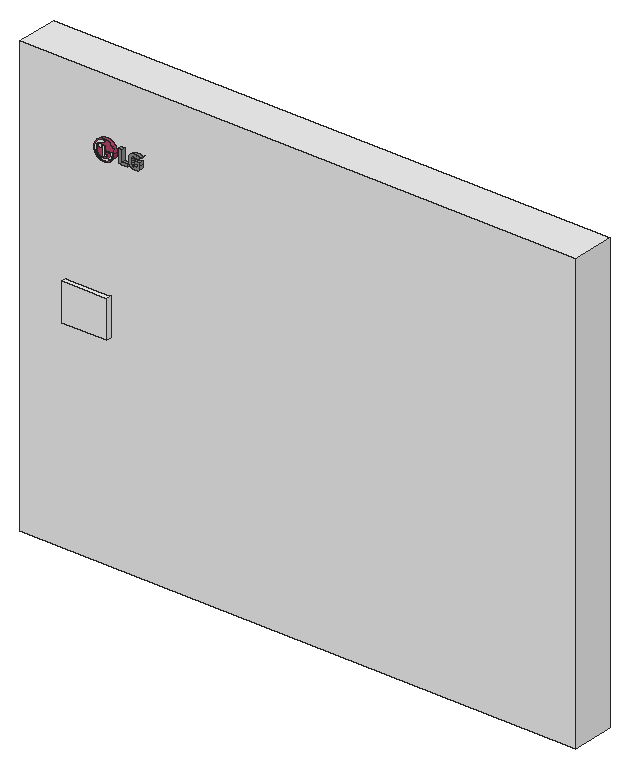
Revit family "LG_AHU_Comm_KIT_PAHCMS000_NA", category 기계 장비, Revit 2014
Parameters (values of type "PAHCMS000")
  depth = 6 3/32"
  Width = 14 31/32"
  URL = "https://lghvac.com/"
  Rated Current = 0.1 A
  Operating Temperature = "‐4‐149 °F"
  Net Weight (lb) = "16.5"
  Input Power = "208‐230VAC, 60Hz, 1Ph"
  모델 = "PAHCMS000"
  제조업체 = "LG Electronics"
  Humidity = "0‐98 % (non‐condensing)"
  Height = 11 13/16"
  설명 = "AHU Comm. Kit"
  Connectivity = "RS-485"
  Comm. Connector 4 = yes
Types (3): name | Width | Net Weight (lb) | 모델 | Comm. Connector 4
  (no name) | 14 31/32" | "16.5" | "PAHCMS000" | yes
  PAHCMR000 | 11 13/16" | "13.7" | "PAHCMR000" | no
  PAHCMS000 | 14 31/32" | "16.5" | "PAHCMS000" | yes
Reference planes (in)
  plane 1 "Center (Front/Back)": y = 0
  plane 2: z = 0
  plane 3 "Center (Left/Right)": x = 0
  plane 4: x = -4.98425
  plane 5: x = 9.9845
  plane 6: z = 3.30118
  plane 7: z = -8.51132
  plane 8: x = -4.59055
  plane 9: x = 9.5908
  plane 10: z = -7.72392
  plane 11: z = 2.51378
Forms (in)
  Extrusion 1, solid, material "LG - White"
    sketch origin (0, 0, 0) x (1, 0, 0) y (0, 0, 1)
      loop
        line (-4.98425, 3.30118) -> (-4.98425, -8.51132) -> (9.9845, -8.51132) -> (9.9845, 3.30118) -> (-4.98425, 3.30118)
    from 0 to 1.1378
  Extrusion 2, solid
    sketch origin (0, 0, 0) x (1, 0, 0) y (0, 0, 1)
      loop
        line (-4.59055, 2.51378) -> (-4.59055, -7.72392) -> (9.5908, -7.72392) -> (9.5908, 2.51378) -> (-4.59055, 2.51378)
    from 0.7874 to 0.98425
  Extrusion 3, solid, material "LG - White"
    sketch origin (0.84055, -1.1378, 0.12452) x (1, 0, 0) y (0, 0, 1)
      loop
        line (-4.59055, -2.12452) -> (-4.59055, -3.12452) -> (-3.37869, -3.12452) -> (-3.37869, -2.12452) -> (-4.59055, -2.12452)
    from 0 to 0.125
  Extrusion 4, solid
    sketch origin (0, 0, 0) x (-1, 0, 0) y (0, 0, 1)
      loop
        circle (-7.69866, -2.70126) r 0.25
    from 0 to 0.0625
  Extrusion 5, solid, visible <- "Comm. Connector 4"
    sketch origin (-1.25, 0, 0) x (-1, 0, 0) y (0, 0, 1)
      loop
        circle (-7.69866, -2.70126) r 0.25
    from 0 to 0.0625
  Extrusion 6, solid
    sketch origin (0, 0, -1.25) x (-1, 0, 0) y (0, 0, 1)
      loop
        circle (-7.69866, -2.70126) r 0.25
    from 0 to 0.0625
  Extrusion 7, solid, visible <- "Comm. Connector 4"
    sketch origin (-1.25, 0, -1.25) x (-1, 0, 0) y (0, 0, 1)
      loop
        circle (-7.69866, -2.70126) r 0.25
    from 0 to 0.0625
Dimensions and locks (in)
  locked: plane 6 to plane 11 at 0.7874
  locked: plane 10 to plane 7 at 0.7874
  locked: plane 8 to plane 4 at 0.3937
  locked: plane 5 to plane 9 at 0.3937
  "Width": plane 5 to plane 4
  "Height": plane 6 to plane 7
  aligned and locked: Extrusion 1 sketch curve to plane 6
  aligned and locked: plane 4 to Extrusion 1 sketch curve
  aligned and locked: plane 7 to Extrusion 1 sketch curve
  aligned and locked: Extrusion 1 sketch curve to plane 5
Automatic sketch dimensions
  plane 8 to Extrusion 2 sketch curve = 0"
  plane 9 to Extrusion 2 sketch curve = 0"
  Extrusion 2 sketch curve to plane 10 = 0"
  Extrusion 2 sketch curve to plane 11 = 0"
  Extrusion 3 sketch curve to Extrusion 1 = 1.23425"
  Extrusion 3 sketch curve to Extrusion 3 sketch curve = 1.21186"
  Extrusion 3 sketch curve to Extrusion 1 = 5.51132"
  Extrusion 3 sketch curve to Extrusion 3 sketch curve = 1"
  Extrusion 4 sketch curve to Extrusion 1 = 2.28584"
  Extrusion 4 sketch curve to Extrusion 1 = 5.81006"
  Extrusion 5 sketch curve to Extrusion 1 = 3.53584"
  Extrusion 5 sketch curve to Extrusion 1 = 5.81006"
  Extrusion 6 sketch curve to Extrusion 1 = 2.28584"
  Extrusion 6 sketch curve to Extrusion 1 = 4.56006"
  Extrusion 7 sketch curve to Extrusion 1 = 3.53584"
  Extrusion 7 sketch curve to Extrusion 1 = 4.56006"
  radius of Extrusion 4 sketch curve = 1/4"
  radius of Extrusion 5 sketch curve = 1/4"
  radius of Extrusion 6 sketch curve = 1/4"
  radius of Extrusion 7 sketch curve = 1/4"
Nested families (in)
  nested 1: "LG Logo_IDU_Red" at (-2.25, -1.15918, 1.09229), type "LG Logo_IDU_Red"
Connectors (in)
  electrical at (7.69866, 0.0625, -2.70126)
    settings: on Extrusion 4, index 1, voltage 0 V, apparent load 0 VA, apparent load phase1 0 VA, apparent load phase2 0 VA, apparent load phase3 0 VA, power factor 1, load classification "기타", number of poles 1, system type 14, power factor state 1, is connector primary yes, connector utility no, sub classification motor no, connector description ""
  electrical at (6.44866, 0.0625, -2.70126)
    settings: on Extrusion 5, index 2, voltage 0 V, apparent load 0 VA, apparent load phase1 0 VA, apparent load phase2 0 VA, apparent load phase3 0 VA, power factor 1, load classification "기타", number of poles 1, system type 14, power factor state 1, is connector primary no, connector utility no, sub classification motor no, connector description ""
  electrical at (7.69866, 0.0625, -3.95126)
    settings: on Extrusion 6, index 3, voltage 0 V, apparent load 0 VA, apparent load phase1 0 VA, apparent load phase2 0 VA, apparent load phase3 0 VA, power factor 1, load classification "기타", number of poles 1, system type 14, power factor state 1, is connector primary no, connector utility no, sub classification motor no, connector description ""
  electrical at (6.44866, 0.0625, -3.95126)
    settings: on Extrusion 7, index 4, voltage 0 V, apparent load 0 VA, apparent load phase1 0 VA, apparent load phase2 0 VA, apparent load phase3 0 VA, power factor 1, load classification "기타", number of poles 1, system type 14, power factor state 1, is connector primary no, connector utility no, sub classification motor no, connector description ""
Definition of nested family "LG Logo_IDU_Red"
  Reference planes (in)
    plane 1 "중심(앞/뒤)": y = 0
    plane 2: z = 0
    plane 3 "중심(왼쪽/오른쪽)": x = 0
    plane 4: x = -0.79932
    plane 5: y = 0.11811
    plane 6: x = 0.79932
  Forms (in)
    Extrusion 1, solid, material "01 LG Gray"
      sketch origin (-0.08353, 0, -0.09108) x (1, 0, 0) y (0, 0, 1)
        loop
          line (0.08353, 0.71674) -> (0.08353, 0.35751) -> (0.16748, 0.35751) -> (0.33733, 0.35751) -> (0.33733, 0.42487) -> (0.16748, 0.42487) -> (0.16748, 0.71674) -> (0.08353, 0.71674)
        loop
          line (0.52115, 0.56018) -> (0.52115, 0.4932) -> (0.58892, 0.4932) -> (0.58892, 0.43266)
          arc (0.58892, 0.43266) -> (0.55536, 0.42581) -> (0.52115, 0.42417) r 0.22347
          arc (0.52115, 0.42417) -> (0.46407, 0.44136) -> (0.43464, 0.4932) r 0.08017
          arc (0.43464, 0.4932) -> (0.43132, 0.50921) -> (0.43024, 0.52553) r 0.11811
          arc (0.43024, 0.52553) -> (0.43298, 0.5554) -> (0.43755, 0.58505) r 0.4899
          arc (0.43755, 0.58505) -> (0.46938, 0.63649) -> (0.5276, 0.65291) r 0.08347
          arc (0.5276, 0.65291) -> (0.57557, 0.6436) -> (0.61354, 0.61284) r 0.1009
          line (0.61354, 0.61284) -> (0.66403, 0.66332)
          arc (0.66403, 0.66332) -> (0.61388, 0.70262) -> (0.55185, 0.71718) r 0.14792
          arc (0.55185, 0.71718) -> (0.51922, 0.7174) -> (0.48658, 0.71718) r 2.41935
          arc (0.48658, 0.71718) -> (0.39441, 0.67492) -> (0.35215, 0.58275) r 0.14567
          arc (0.35215, 0.58275) -> (0.35155, 0.52818) -> (0.35785, 0.47397) r 0.43076
          arc (0.35785, 0.47397) -> (0.39498, 0.39973) -> (0.46645, 0.35751) r 0.14675
          arc (0.46645, 0.35751) -> (0.52769, 0.34991) -> (0.58892, 0.35751) r 0.25064
          arc (0.58892, 0.35751) -> (0.62773, 0.37059) -> (0.66403, 0.38957) r 0.26174
          line (0.66403, 0.38957) -> (0.66403, 0.4932) -> (0.66403, 0.56018) -> (0.52115, 0.56018)
      from -0.07874 to 0.07874
    Extrusion 2, solid, material "02 White"
      sketch origin (-0.12573, 0, -0.03143) x (1, 0, 0) y (0, 0, 1)
        loop
          arc (-0.2553, 0.70361) -> (-0.43445, 0.29922) -> (-0.03343, 0.48579) r 0.23622
          line (-0.03343, 0.48579) -> (-0.20737, 0.48579) -> (-0.20737, 0.4543) -> (-0.07088, 0.4543)
          arc (-0.07088, 0.4543) -> (-0.42338, 0.33758) -> (-0.2553, 0.66868) r 0.20079
          line (-0.2553, 0.66868) -> (-0.2553, 0.70361)
        loop
          circle (-0.35854, 0.55708) r 0.03886
        loop
          line (-0.28679, 0.59451) -> (-0.28679, 0.32992) -> (-0.20018, 0.32992) -> (-0.20018, 0.37532) -> (-0.2553, 0.37532) -> (-0.2553, 0.59451) -> (-0.28679, 0.59451)
      from -0.07874 to 0.08268
    Extrusion 3, solid, material "03. LG Red"
      sketch origin (-0.08526, 0, -0.09096) x (1, 0, 0) y (0, 0, 1)
        loop
          circle (-0.31084, 0.53039) r 0.27559
      from -0.07874 to 0.07874
  Dimensions and locks (in)
    plane 5 to plane 1 "중심(앞/뒤)" = 0.11811"
    equal spacing: plane 4, plane 3 "중심(왼쪽/오른쪽)", plane 6
    plane 4 to plane 6 = 1.59865"
    aligned and locked: level to plane 2
  Automatic sketch dimensions
    plane 3 "중심(왼쪽/오른쪽)" to Extrusion 1 sketch curve = 0"
    Extrusion 1 sketch curve to Extrusion 1 sketch curve = 0.08395"  (x2)
    Extrusion 1 sketch curve to Extrusion 1 sketch curve = 0.16985"
    Extrusion 1 sketch curve to Extrusion 1 sketch curve = 0.16008"
    Extrusion 1 sketch curve to Extrusion 1 sketch curve = 0.00489"
    Extrusion 1 sketch curve to Extrusion 1 sketch curve = 0.01178"  (x2)
    plane 6 to Extrusion 1 sketch curve = 0.36364"
    Extrusion 1 sketch curve to Extrusion 1 sketch curve = 0.0222"
    Extrusion 1 sketch curve to Extrusion 1 sketch curve = 0.00154"
    Extrusion 1 sketch curve to Extrusion 1 sketch curve = 0.00537"
    Extrusion 1 sketch curve to Extrusion 1 sketch curve = 0.00261"
    Extrusion 1 sketch curve to Extrusion 1 sketch curve = 0.00271"
    Extrusion 1 sketch curve to Extrusion 1 sketch curve = 0.01542"
    Extrusion 1 sketch curve to Extrusion 1 sketch curve = 0.01692"
    Extrusion 1 sketch curve to Extrusion 1 sketch curve = 0.06778"
    Extrusion 1 sketch curve to Extrusion 1 sketch curve = 0.06369"
    Extrusion 1 sketch curve to Extrusion 1 sketch curve = 0.0751"
    Extrusion 1 sketch curve to Extrusion 1 sketch curve = 0.05049"  (x2)
    plane 6 to Extrusion 1 sketch curve = 0.10114"
    Extrusion 1 sketch curve to Extrusion 1 sketch curve = 0.13752"
    Extrusion 1 sketch curve to level = 1.79302"
    level to Extrusion 1 sketch curve = 0.26643"
    level to Extrusion 1 sketch curve = 0.29849"
    Extrusion 1 sketch curve to Extrusion 1 sketch curve = 0.06736"
    Extrusion 1 sketch curve to Extrusion 1 sketch curve = 0.04309"
    Extrusion 1 sketch curve to Extrusion 1 sketch curve = 0.06055"
    Extrusion 1 sketch curve to Extrusion 1 sketch curve = 0"  (x4)
    Extrusion 1 sketch curve to Extrusion 1 sketch curve = 0.0025"
    Extrusion 1 sketch curve to Extrusion 1 sketch curve = 0.00661"
    Extrusion 1 sketch curve to Extrusion 1 sketch curve = 0.00422"
    Extrusion 1 sketch curve to Extrusion 1 sketch curve = 0.02113"
    Extrusion 1 sketch curve to Extrusion 1 sketch curve = 0.05752"
    Extrusion 1 sketch curve to Extrusion 1 sketch curve = 0.027"
    Extrusion 1 sketch curve to Extrusion 1 sketch curve = 0.00802"
    Extrusion 1 sketch curve to Extrusion 1 sketch curve = 0.01712"
    Extrusion 1 sketch curve to Extrusion 1 sketch curve = 0.00965"
    Extrusion 1 sketch curve to Extrusion 1 sketch curve = 0.00209"
    Extrusion 1 sketch curve to Extrusion 1 sketch curve = 0.03073"
    Extrusion 1 sketch curve to Extrusion 1 sketch curve = 0.01076"
    Extrusion 1 sketch curve to Extrusion 1 sketch curve = 0.05266"
    Extrusion 1 sketch curve to Extrusion 1 sketch curve = 0.03623"
    Extrusion 1 sketch curve to Extrusion 1 sketch curve = 0.29186"
    Extrusion 1 sketch curve to Extrusion 1 sketch curve = 0.14527"
    Extrusion 1 sketch curve to Extrusion 1 sketch curve = 0.02051"
    Extrusion 1 sketch curve to Extrusion 1 sketch curve = 0.07207"
    Extrusion 1 sketch curve to Extrusion 1 sketch curve = 0.0044"
    Extrusion 1 sketch curve to Extrusion 1 sketch curve = 0.00731"
    Extrusion 1 sketch curve to Extrusion 1 sketch curve = 0.06527"
    Extrusion 2 sketch curve to plane 3 "중심(왼쪽/오른쪽)" = 0.48426"
    Extrusion 2 sketch curve to Extrusion 2 sketch curve = 0.07174"
    Extrusion 2 sketch curve to Extrusion 2 sketch curve = 0.08737"
    Extrusion 2 sketch curve to Extrusion 2 sketch curve = 0.0022"
    Extrusion 2 sketch curve to Extrusion 2 sketch curve = 0.0315"  (x2)
    Extrusion 2 sketch curve to Extrusion 2 sketch curve = 0"  (x2)
    Extrusion 2 sketch curve to Extrusion 2 sketch curve = 0.06159"
    Extrusion 2 sketch curve to Extrusion 2 sketch curve = 0.05512"
    Extrusion 2 sketch curve to plane 3 "중심(왼쪽/오른쪽)" = 0.19661"
    Extrusion 2 sketch curve to plane 3 "중심(왼쪽/오른쪽)" = 0.15916"
    level to Extrusion 2 sketch curve = 0.29849"
    Extrusion 2 sketch curve to Extrusion 2 sketch curve = 0.0454"
    Extrusion 2 sketch curve to Extrusion 2 sketch curve = 0.07897"
    Extrusion 2 sketch curve to Extrusion 2 sketch curve = 0.01349"
    Extrusion 2 sketch curve to Extrusion 2 sketch curve = 0.00073"
    Extrusion 2 sketch curve to Extrusion 2 sketch curve = 0.08856"
    Extrusion 2 sketch curve to Extrusion 2 sketch curve = 0.07417"
    plane 4 to Extrusion 3 sketch curve = 0.40323"
    level to Extrusion 3 sketch curve = 0.43942"
    radius of Extrusion 2 sketch curve = 0.03886"
    radius of Extrusion 3 sketch curve = 0.27559"
